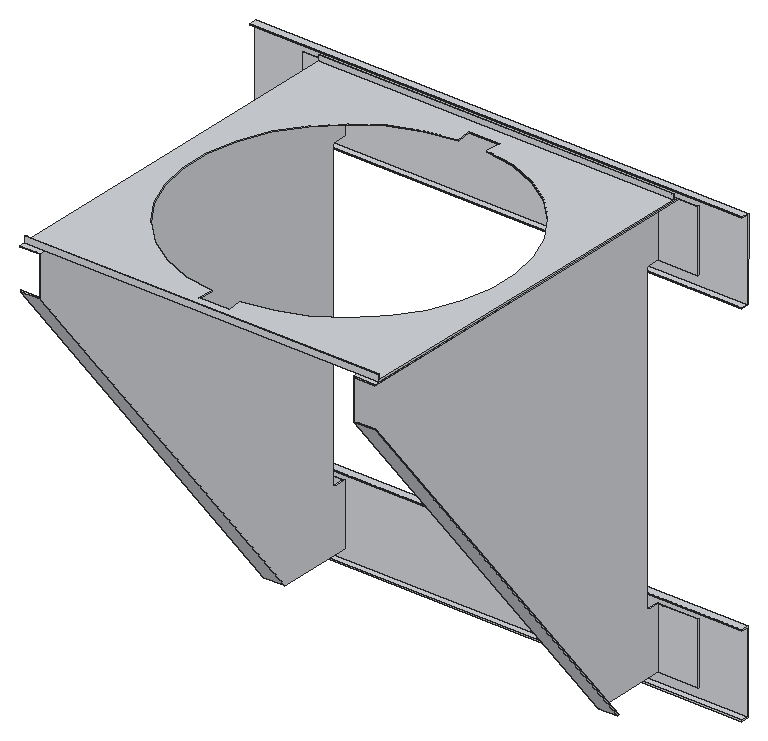
Revit family
Parameters (values of type "DW30DWVESU")
  Width = 34 1/2"
  TopPanel = DWxxVESUTP : DW30VESUTP
  TopLength = 37"
  Height = 44"
  DuctCenter = TopLength / 2  # 18 1/2"
Types (10): name | Width | TopPanel | TopLength | DuctCenter
  (no name) | 34 1/2" | DWxxVESUTP : DW30VESUTP | 37" | 18 1/2"
  DW12DWVESU | 16 1/2" | DWxxVESUTP : DW12VESUTP | 29" | 14 1/2"
  DW14DWVESU | 18 1/2" | DWxxVESUTP : DW14VESUTP | 29" | 14 1/2"
  DW16DWVESU | 20 1/2" | DWxxVESUTP : DW16VESUTP | 29" | 14 1/2"
  DW18DWVESU | 22 1/2" | DWxxVESUTP : DW18VESUTP | 29" | 14 1/2"
  DW20DWVESU | 24 1/2" | DWxxVESUTP : DW20VESUTP | 29" | 14 1/2"
  DW22DWVESU | 26 1/2" | DWxxVESUTP : DW22VESUTP | 37" | 18 1/2"
  DW24DWVESU | 28 1/2" | DWxxVESUTP : DW24VESUTP | 37" | 18 1/2"
  DW26DWVESU | 30 1/2" | DWxxVESUTP : DW26VESUTP | 37" | 18 1/2"
  DW30DWVESU | 34 1/2" | DWxxVESUTP : DW30VESUTP | 37" | 18 1/2"
Reference planes (in)
  plane 1 "Center (Front/Back)": y = 0
  plane 2: z = 0
  plane 3 "Center (Left/Right)": x = 0
  plane 4: z = 22
  plane 5: z = -22
  plane 6: z = 21
  plane 7: y = -18.5
  plane 8: x = -17.25
  plane 9: x = 17.25
Dimensions and locks (in)
  equal spacing: plane 4, plane 2, plane 5
  "Height": plane 4 to plane 5
  locked: plane 4 to plane 6 at 1
  equal spacing: plane 9, plane 3 "Center (Left/Right)", plane 8
  "Width": plane 9 to plane 8
  "DuctCenter": plane 7 to plane 1 "Center (Front/Back)"
  aligned and locked: plane 3 "Center (Left/Right)" to nested 1
  aligned and locked: plane 1 "Center (Front/Back)" to nested 1
  aligned and locked: plane 4 to nested 1
  aligned and locked: plane 3 "Center (Left/Right)" to nested 2
  aligned and locked: plane 1 "Center (Front/Back)" to nested 2
  aligned and locked: nested 2 to plane 5
  aligned and locked: plane 3 "Center (Left/Right)" to nested 3
  aligned: nested 3 to plane 1 "Center (Front/Back)"
  aligned and locked: nested 3 to plane 6
  aligned and locked: plane 1 "Center (Front/Back)" to nested 4
  aligned and locked: plane 6 to nested 4
  aligned and locked: nested 5 to plane 6
  aligned and locked: plane 9 to nested 5
  aligned and locked: plane 8 to nested 4
  aligned and locked: plane 7 to nested 3
Nested families (in)
  nested 1: "DWSUPPLATELG" at (0, 0.09375, 18), type "DWSUPPLATELG"
  nested 2: "DWSUPPLATELG" at (0, 0.09375, -18), type "DWSUPPLATELG"
  nested 3: "DWxxVESUTP" at (0, -18.5, 21), type <- "TopPanel", type "DW30VESUTP"
  nested 4: "DWVESUSIDE" at (-15.25, 0, 0), type "DWVESUSIDE"
  nested 5: "DWVESUSIDE" at (15.25, 0, 0) x (-1, 0, 0) z (0, 0, 1), type "DWVESUSIDE"
Definition of nested family "DWSUPPLATELG"
  Parameters
    Width = 3/4"
    Thk = 3/32"
    Length = 48"
    Height = 8"
  Reference planes (in)
    plane 1 "Center (Front/Back)": y = 0
    plane 2: z = 0
    plane 3 "Center (Left/Right)": x = 0
    plane 4: y = -0.75
    plane 5: z = 4
    plane 6: z = -4
    plane 7: x = -24
    plane 8: x = 24
    plane 9: z = 3.90625
    plane 10: z = -3.90625
    plane 11: y = -0.09375
  Forms (in)
    Extrusion 1, solid
      sketch origin (0, 0, 0) x (0, 1, 0) y (0, 0, 1)
        loop
          line (0, 4) -> (-0.75, 4) -> (-0.75, 3.90625) -> (-0.09375, 3.90625) -> (-0.09375, -3.90625) -> (-0.75, -3.90625) -> (-0.75, -4) -> (0, -4) -> (0, 4)
      from -24 to 24
  Dimensions and locks (in)
    equal spacing: plane 5, plane 2, plane 6
    "Height": plane 5 to plane 6
    "Width": plane 1 "Center (Front/Back)" to plane 4
    "Thk": plane 5 to plane 9
    "Thk": plane 10 to plane 6
    "Thk": plane 1 "Center (Front/Back)" to plane 11
    equal spacing: plane 8, plane 3 "Center (Left/Right)", plane 7
    "Length": plane 8 to plane 7
    aligned and locked: Extrusion 1 sketch curve to plane 1 "Center (Front/Back)"
    aligned and locked: Extrusion 1 sketch curve to plane 11
    aligned and locked: Extrusion 1 sketch curve to plane 6
    aligned and locked: Extrusion 1 sketch curve to plane 10
    aligned and locked: Extrusion 1 sketch curve to plane 5
    aligned and locked: Extrusion 1 sketch curve to plane 9
    aligned and locked: Extrusion 1 sketch curve to plane 4  (x2)
    aligned and locked: Extrusion 1 to plane 7
    aligned and locked: plane 8 to Extrusion 1
Definition of nested family "DWxxVESUTP"
  Parameters (values of type "DW12VESUTP")
    Width = 16 1/2"
    Thk = 3/32"
    SlotRadius = 7 1/2"
    SlotAngle = 11.50°
    Radius = 6 1/8"
    Length = 18"
    FilletRadius = 1/4"
    BendHeight = 5/8"
    Assembly Code = ""
  Types (9): name | Width | SlotRadius | SlotAngle | Radius | Length
    DW30VESUTP | 34 1/2" | 16 1/2" | 5.25° | 15 1/8" | 36"
    DW26VESUTP | 30 1/2" | 14 1/2" | 6.00° | 13 1/8" | 32"
    DW24VESUTP | 28 1/2" | 13 1/2" | 6.50° | 12 1/8" | 30"
    DW22VESUTP | 26 1/2" | 12 1/2" | 7.00° | 11 1/8" | 28"
    DW20VESUTP | 24 1/2" | 11 1/2" | 7.50° | 10 1/8" | 26"
    DW18VESUTP | 22 1/2" | 10 1/2" | 8.00° | 9 1/8" | 24"
    DW16VESUTP | 20 1/2" | 9 1/2" | 9.00° | 8 1/8" | 22"
    DW14VESUTP | 18 1/2" | 8 1/2" | 10.00° | 7 1/8" | 20"
    DW12VESUTP | 16 1/2" | 7 1/2" | 11.50° | 6 1/8" | 18"
  Reference planes (in)
    plane 1 "Center (Front/Back)": y = 0
    plane 2: z = 0
    plane 3 "Center (Left/Right)": x = 0
    plane 4: y = 9
    plane 5: y = -9
    plane 6: x = -8.25
    plane 7: x = 8.25
    plane 8: y = -8.90625
    plane 9: z = 0.09375
    plane 10: z = 0.625
    plane 11: y = 8.90625
    plane 12: through (0, 0, 48) normal (0.9799, 0.1994, 0)
    plane 13: through (0, 0, 48) normal (0.9799, -0.1994, 0)
  Forms (in)
    Extrusion 1, solid
      sketch origin (0, 0, 0) x (0, 1, 0) y (0, 0, 1)
        loop
          line (9, 0) -> (9, 0.625) -> (8.90625, 0.625) -> (8.90625, 0.09375) -> (-8.90625, 0.09375) -> (-8.90625, 0.625) -> (-9, 0.625) -> (-9, 0) -> (9, 0)
      from -8.25 to 8.25
    Extrusion 2, void
      sketch origin (0, 0, 0) x (1, 0, 0) y (0, 1, 0)
        loop
          arc (-1.49526, -7.34944) -> (0, -7.5) -> (1.49526, -7.34944) r 7.5
          line (1.49526, -7.34944) -> (1.22113, -6.00204)
          arc (1.22113, -6.00204) -> (6.125, 0) -> (1.22113, 6.00204) r 6.125
          line (1.22113, 6.00204) -> (1.49526, 7.34944)
          arc (1.49526, 7.34944) -> (0, 7.5) -> (-1.49526, 7.34944) r 7.5
          line (-1.49526, 7.34944) -> (-1.22113, 6.00204)
          arc (-1.22113, 6.00204) -> (-6.125, 0) -> (-1.22113, -6.00204) r 6.125
          line (-1.22113, -6.00204) -> (-1.49526, -7.34944)
      from 0 to 0.09375
  Cuts and joins
    Extrusion 2 cuts Extrusion 1
  Lines and regions (in)
    reference lines
      curve 1: circle (0, 0, 0) r 6.125 normal (0, 0, 1)
      curve 2: circle (0, 0, 0) r 7.5 normal (0, 0, 1)
  Dimensions and locks (in)
    equal spacing: plane 4, plane 1 "Center (Front/Back)", plane 5
    "Length": plane 4 to plane 5
    "BendHeight": plane 10 to plane 2
    "Thk": plane 9 to plane 2
    "Thk": plane 4 to plane 11
    "Thk": plane 8 to plane 5
    equal spacing: plane 6, plane 3 "Center (Left/Right)", plane 7
    "Width": plane 6 to plane 7
    "Radius": radius of curve 1
    "SlotRadius": radius of curve 2
    "SlotAngle": angle plane 3 "Center (Left/Right)" to plane 12
    "SlotAngle": angle plane 13 to plane 3 "Center (Left/Right)"
    aligned and locked: plane 4 to Extrusion 1 sketch curve
    aligned and locked: plane 9 to Extrusion 1 sketch curve
    aligned and locked: plane 2 to Extrusion 1 sketch curve
    aligned and locked: plane 5 to Extrusion 1 sketch curve
    aligned and locked: plane 8 to Extrusion 1 sketch curve
    aligned and locked: plane 10 to Extrusion 1 sketch curve  (x2)
    aligned and locked: plane 11 to Extrusion 1 sketch curve
    aligned and locked: Extrusion 1 to plane 6
    aligned and locked: plane 7 to Extrusion 1
    aligned and locked: Extrusion 2 to plane 2
    aligned and locked: plane 9 to Extrusion 2
    aligned and locked: Extrusion 2 sketch curve to curve 2  (x2)
    aligned and locked: Extrusion 2 sketch curve to plane 12
    aligned and locked: Extrusion 2 sketch curve to plane 13
    aligned and locked: Extrusion 2 sketch curve to curve 1  (x2)
  Automatic sketch dimensions
    curve 1 to curve 2 = 0"  (x2)
    plane 1 "Center (Front/Back)" to curve 2 = 0"
    curve 2 to plane 3 "Center (Left/Right)" = 0"
    plane 13 to Extrusion 2 sketch curve = 0"  (x2)
    Extrusion 2 sketch curve to plane 12 = 0"  (x2)
Definition of nested family "DWVESUSIDE"
  Parameters
    Width = 2"
    TopLengthHalf = TopLength / 2  # 18 1/2"
    TopLength = 37"
    Thk = 3/32"
    Height = 42"
  Reference planes (in)
    plane 1 "Center (Front/Back)": y = 0
    plane 2: z = 0
    plane 3 "Center (Left/Right)": x = 0
    plane 4: z = 21
    plane 5: z = -21
    plane 6: y = -37
    plane 7: x = -2
    plane 8: y = -7.3125
    plane 9: z = 15
    plane 10: z = -15
    plane 11: y = -1.5
    plane 12: x = -0.09375
    plane 13: y = -18.5
    plane 14: y = -0.09375
    plane 15: z = 20.90625
    plane 16: x = -4
  Forms (in)
    Extrusion 1, solid
      sketch origin (-0.09375, -180, 26.55827) x (0, 0, 1) y (0, -1, 0)
        loop
          line (-47.55827, -172.6875) -> (-47.55827, -180) -> (-41.55827, -180) -> (-41.55827, -178.875)
          arc (-41.55827, -178.875) -> (-41.44843, -178.60983) -> (-41.18327, -178.5) r 0.375
          line (-41.18327, -178.5) -> (-11.93327, -178.5)
          arc (-11.93327, -178.5) -> (-11.6681, -178.60983) -> (-11.55827, -178.875) r 0.375
          line (-11.55827, -178.875) -> (-11.55827, -180) -> (-5.55827, -180) -> (-5.55827, -143) -> (-9.56, -143) -> (-47.55827, -172.6875)
      from 0 to 0.09375
    Extrusion 2, solid
      sketch origin (-2, -180, 26.55827) x (0, 0, 1) y (0, -1, 0)
        loop
          line (-5.55827, -180) -> (-5.55827, -143) -> (-5.65202, -143) -> (-5.65202, -180) -> (-5.55827, -180)
      from 0 to 2
    Extrusion 3, solid
      sketch origin (-4, -180, 26.55827) x (0, 0, 1) y (0, -1, 0)
        loop
          line (-5.55827, -180) -> (-5.55827, -179.90625) -> (-11.55827, -179.90625) -> (-11.55827, -180) -> (-5.55827, -180)
      from 0 to 4
    Extrusion 4, solid
      sketch origin (-4, -180, 26.55827) x (0, 0, 1) y (0, -1, 0)
        loop
          line (-41.55827, -180) -> (-41.55827, -179.90625) -> (-47.55827, -179.90625) -> (-47.55827, -180) -> (-41.55827, -180)
      from 0 to 4
    Sweep 5, solid
      path in 3D
        loop
          line (0, -7.3125, -21) -> (0, -37, 16.99827)
      profile "Bend332x2 : Bend332x2" origin (0, -22.15625, -2.00087) x (0, -0.788011, -0.615661) y (1, 0, 0)
        loop
          line (-0.09375, -2) -> (0, -2) -> (0, 0) -> (-0.09375, 0) -> (-0.09375, -2)
  Cuts and joins
    joined: Extrusion 1, Extrusion 2, Extrusion 3, Extrusion 4, Sweep 5
  Lines and regions (in)
    reference lines
      curve 1: line (0, -7.3125, -21) -> (0, -37, 16.99827)
    sketch lines
      curve 2: line (0, -7.3125, -21) -> (0, -37, 16.99827)
  Dimensions and locks (in)
    equal spacing: plane 4, plane 2, plane 5
    "Height": plane 4 to plane 5
    "TopLength": plane 1 "Center (Front/Back)" to plane 6
    "Width": plane 3 "Center (Left/Right)" to plane 7
    locked: plane 1 "Center (Front/Back)" to plane 8 at 7.3125
    locked: plane 4 to plane 9 at 6
    locked: plane 10 to plane 5 at 6
    locked: plane 1 "Center (Front/Back)" to plane 11 at 1.5
    "Thk": plane 3 "Center (Left/Right)" to plane 12
    "TopLengthHalf": plane 1 "Center (Front/Back)" to plane 13
    "Thk": plane 1 "Center (Front/Back)" to plane 14
    "Thk": plane 4 to plane 15
    locked: plane 3 "Center (Left/Right)" to plane 16 at 4
    locked: plane 5 to curve 1 (angle 52.00°)
    aligned and locked: plane 5 to curve 1
    aligned and locked: plane 8 to curve 1
    aligned and locked: plane 6 to curve 1
    aligned and locked: Extrusion 1 sketch curve to curve 1
    aligned and locked: plane 5 to Extrusion 1 sketch curve
    aligned and locked: plane 1 "Center (Front/Back)" to Extrusion 1 sketch curve
    aligned and locked: plane 10 to Extrusion 1 sketch curve
    aligned and locked: plane 11 to Extrusion 1 sketch curve
    aligned and locked: plane 9 to Extrusion 1 sketch curve
    aligned and locked: plane 4 to Extrusion 1 sketch curve
    aligned and locked: plane 6 to Extrusion 1 sketch curve
    aligned and locked: plane 3 "Center (Left/Right)" to Extrusion 1
    aligned and locked: plane 4 to Extrusion 2 sketch curve
    aligned and locked: plane 15 to Extrusion 2 sketch curve
    aligned and locked: plane 1 "Center (Front/Back)" to Extrusion 2 sketch curve
    aligned and locked: plane 6 to Extrusion 2 sketch curve
    aligned and locked: Extrusion 2 to plane 7
    aligned and locked: plane 3 "Center (Left/Right)" to Extrusion 2
    aligned and locked: plane 1 "Center (Front/Back)" to Extrusion 3 sketch curve
    aligned and locked: plane 14 to Extrusion 3 sketch curve
    aligned and locked: plane 4 to Extrusion 3 sketch curve
    aligned and locked: plane 9 to Extrusion 3 sketch curve
    aligned and locked: Extrusion 3 to plane 16
    aligned and locked: plane 3 "Center (Left/Right)" to Extrusion 3
    aligned and locked: plane 1 "Center (Front/Back)" to Extrusion 4 sketch curve
    aligned and locked: plane 14 to Extrusion 4 sketch curve
    aligned and locked: plane 10 to Extrusion 4 sketch curve
    aligned and locked: plane 5 to Extrusion 4 sketch curve
    aligned and locked: Extrusion 4 to plane 16
    aligned and locked: plane 3 "Center (Left/Right)" to Extrusion 4
  Automatic sketch dimensions
    Extrusion 1 sketch curve to plane 1 "Center (Front/Back)" = 0"
    plane 10 to Extrusion 1 sketch curve = 3/8"
    Extrusion 1 sketch curve to Extrusion 1 sketch curve = 3/8"
